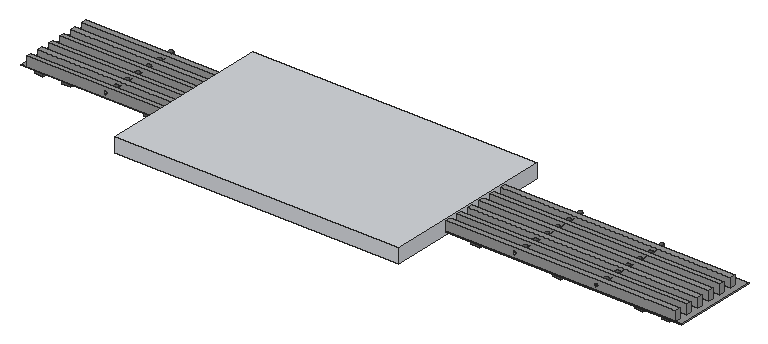
Revit family "1412-6, Solid", category Generic Models, host Face, Revit 2020
Family settings
  Host = Face
  Can host rebar = No
  Round Connector Dimension = Use Diameter
  Part Type = Normal
  Cut with Voids When Loaded = No
  Shared = No
  Room Calculation Point = No
Parameters
  min_value [instance] = 2' - 4"  # constant formula
  max_value [instance] = 11' - 11 1/4"  # constant formula
  actual_value [instance] = if(NET LENGTH < min_value, min_value, if(NET LENGTH > max_value, max_value, NET LENGTH))  # 7' - 11 1/4"
  SCRIM MATERIAL [instance] = SCRIM
  SCRIM APPEARANCE [instance] = yes
  NET LENGTH [instance] = 7' - 11 1/4"
  IMPORTANT NOTE!!!                                                                             *Backer & dowel layout is for visualization purposes only, final layout to be determined by 9Wood. [instance] = ""
  Default Elevation = 4' - 0"
  DOWEL RADIUS [instance] = 0' - 0 1/4"  # constant formula
  BACKER & DOWEL MATERIAL [instance] = BLACK-BACKERS
  .. MEMBER WIDTH [instance] = 0' - 0 3/4"  # constant formula
  .. MEMBER MATERIAL [instance] = Solid Western Hemlock
  .. MEMBER DEPTH [instance] = 0' - 1 3/8"  # constant formula
  .. MEMBER COUNT [instance] = 6  # constant formula
Reference planes (in)
  plane 1 "Center (Front/Back)": y = 0
  plane 2: z = 0
  plane 3 "Center (Left/Right)": x = 0
Forms (in)
  Extrusion 1, solid
    sketch origin (0, 0, 0) x (1, 0, 0) y (0, 1, 0)
      loop
        line (-24.24823, 14.63962) -> (-24.24823, -10.69266) -> (17.36192, -10.69266) -> (17.36192, 14.63962) -> (-24.24823, 14.63962)
    from 0 to 2.0625
Dimensions and locks (in)
  aligned and locked: plane 2 to Extrusion 1
Nested families (in)
  nested 1: "1400 series" at (-44.01308, -2.1224, 0.00189), NET LENGTH <- "actual_value", .. MEMBER DEPTH <- ".. MEMBER DEPTH", .. MEMBER WIDTH <- ".. MEMBER WIDTH", DOWEL RADIUS <- "DOWEL RADIUS", BACKER & DOWEL MATERIAL <- "BACKER & DOWEL MATERIAL", .. MEMBER MATERIAL <- ".. MEMBER MATERIAL", SCRIM MATERIAL <- "SCRIM MATERIAL", MEMBER COUNT <- ".. MEMBER COUNT", SCRIM APPEARANCE <- "SCRIM APPEARANCE", type "1400 series"
    with X 7' - 8", SCRIM MATERIAL SCRIM, SCRIM LENGTH 8' - 1", SCRIM APPEARANCE yes, SCRIM 2 0' - 0 7/8", SCRIM 1 0' - 0 3/32", OC TYP 1' - 0", NET LENGTH 7' - 11 1/4", N 8, MEMBER COUNT 6, INSET 2 0' - 0 3/16", INSET 0' - 1", HALF MEMBER WIDTH 0' - 0 3/8", END BACKER yes, DOWEL RADIUS 0' - 0 1/4", DOWEL INDEX 0' - 11 5/8", DOWEL COUNT 7, BACKING M COUNT 8, BACKER WIDTH 0' - 1 1/4", BACKER INDEX 0' - 5 5/8", BACKER DEPTH 0' - 0 1/2", BACKER & DOWEL MATERIAL BLACK-BACKERS, BACKER &  DOWEL LENGTH 0' - 11 7/8", .. MEMBER WIDTH 0' - 0 3/4", .. MEMBER OC TYP 0' - 2", .. MEMBER MATERIAL Solid Western Hemlock, .. MEMBER DEPTH 0' - 1 3/8"
Definition of nested family "1400 series"
  Parameters (values of type "1400 series")
    X [instance] = NET LENGTH - 0' 3 1/4"  # 7' - 2"
    SCRIM MATERIAL [instance] = none
    SCRIM APPEARANCE [instance] = yes
    SCRIM 2 [instance] = 0' - 0 7/8"  # constant formula
    SCRIM 1 [instance] = 0' - 0 3/32"  # constant formula
    OC TYP [instance] = 1' - 0"  # constant formula
    N [instance] = if((X - (rounddown(X / 1' 0") * 1' 0")) > 1' 0", rounddown(X / 1' 0") + 2, rounddown(X / 1' 0") + 1)  # 8
    MEMBER COUNT [instance] = 2
    INSET 5 = 0' - 0 11/16"  # constant formula
    INSET 2 [instance] = 0' - 0 3/16"  # constant formula
    INSET [instance] = 0' - 1"  # constant formula
    END BACKER [instance] = BACKER INDEX > 0' 3 5/8"  # no
    HALF MEMBER WIDTH [instance] = .. MEMBER WIDTH / 2  # 0' - 1 1/8"
    Default Elevation = 0' - 0"
    DOWEL RADIUS [instance] = 0' - 0 1/4"
    DOWEL INDEX [instance] = BACKER INDEX + 0' 6"  # 0' - 8 5/8"
    DOWEL COUNT [instance] = N - 1  # 7
    BACKER WIDTH [instance] = 0' - 1 1/4"  # constant formula
    BACKER INDEX [instance] = (NET LENGTH - ((N - 1) * 1' 0")) / 2  # 0' - 2 5/8"
    BACKER DEPTH [instance] = 0' - 0 1/2"  # constant formula
    BACKING M COUNT [instance] = N  # 8
    BACKER & DOWEL MATERIAL [instance] = none
    BACKER &  DOWEL LENGTH [instance] = 0' - 11 7/8"  # constant formula
    SCRIM LENGTH [instance] = NET LENGTH + (SCRIM 2 * 2)  # 7' - 7"
    .. MEMBER WIDTH [instance] = 0' - 2 1/4"
    .. MEMBER OC TYP [instance] = 1' 0" / MEMBER COUNT  # 0' - 6"
    .. MEMBER MATERIAL [instance] = none
    NET LENGTH [instance] = 7' - 5 1/4"
    .. MEMBER DEPTH [instance] = 0' - 4"
  Reference planes (in)
    plane 1 "Center (Front/Back)": y = 0
    plane 2: z = 0
    plane 3 "Center (Left/Right)": x = 0
    plane 4: x = 89.25
    plane 5: x = 1
    plane 6: x = 88.25
    plane 7: x = 2.625
    plane 8: x = 8.625
    plane 9: x = 14.625
    plane 10: x = 20.625
    plane 11: y = 0.1875
    plane 12: y = 1.125
    plane 13: y = 7.125
    plane 14: y = 12.0625
    plane 15: x = 90.125
    plane 16: x = -0.875
    plane 17: y = 12.15625
    plane 18: y = -0.09375
    plane 19: z = 2.7097
    plane 20: z = 0.49811
    plane 21: z = 0.56061
    plane 22: z = 1.24811
  Lines and regions (in)
    model lines, not visible
      curve 1: line (8.625, 0, 0.99811) -> (8.625, 0, 1.49811)
      curve 2: line (8.625, 0, 1.49811) -> (8.375, 0, 1.24811)
      curve 3: line (8.375, 0, 1.24811) -> (8.875, 0, 1.24811)
      curve 4: line (20.625, 0, 0.99811) -> (20.625, 0, 1.49811)
      curve 5: line (20.625, 0, 1.49811) -> (20.375, 0, 1.24811)
      curve 6: line (20.375, 0, 1.24811) -> (20.875, 0, 1.24811)
      curve 7: line (32.625, 0, 0.99811) -> (32.625, 0, 1.49811)
      curve 8: line (32.625, 0, 1.49811) -> (32.375, 0, 1.24811)
      curve 9: line (32.375, 0, 1.24811) -> (32.875, 0, 1.24811)
      curve 10: line (44.625, 0, 0.99811) -> (44.625, 0, 1.49811)
      curve 11: line (44.625, 0, 1.49811) -> (44.375, 0, 1.24811)
      curve 12: line (44.375, 0, 1.24811) -> (44.875, 0, 1.24811)
      curve 13: line (56.625, 0, 0.99811) -> (56.625, 0, 1.49811)
      curve 14: line (56.625, 0, 1.49811) -> (56.375, 0, 1.24811)
      curve 15: line (56.375, 0, 1.24811) -> (56.875, 0, 1.24811)
      curve 16: line (68.625, 0, 0.99811) -> (68.625, 0, 1.49811)
      curve 17: line (68.625, 0, 1.49811) -> (68.375, 0, 1.24811)
      curve 18: line (68.375, 0, 1.24811) -> (68.875, 0, 1.24811)
      curve 19: line (80.625, 0, 0.99811) -> (80.625, 0, 1.49811)
      curve 20: line (80.625, 0, 1.49811) -> (80.375, 0, 1.24811)
      curve 21: line (80.375, 0, 1.24811) -> (80.875, 0, 1.24811)
  Dimensions and locks (in)
    "INSET": plane 3 "Center (Left/Right)" to plane 5
    "NET LENGTH": plane 3 "Center (Left/Right)" to plane 4
    "INSET": plane 6 to plane 4
    "BACKER INDEX": plane 3 "Center (Left/Right)" to plane 7
    "DOWEL INDEX": plane 3 "Center (Left/Right)" to plane 8
    "OC TYP": plane 7 to plane 9
    "OC TYP": plane 8 to plane 10
    "INSET 2": plane 1 "Center (Front/Back)" to plane 11
    equal spacing: group 1, group 2, group 5, group 6, group 7, group 13, group 14, group 16  (x3)
    equal spacing: group 3, group 4, group 8, group 9, group 10, group 15, group 17  (x3)
    group 11 to group 12 = 0' - 0"  (x2)
    group 11 to group 12 = 0' - 6"
    ".. MEMBER OC TYP": plane 13 to plane 12
    "HALF MEMBER WIDTH": plane 1 "Center (Front/Back)" to plane 12
    "SCRIM 2": plane 16 to plane 3 "Center (Left/Right)"
    "SCRIM 2": plane 4 to plane 15
    "SCRIM 1": plane 18 to plane 1 "Center (Front/Back)"
    "SCRIM 1": plane 17 to plane 14
    "INSET 5": plane 22 to plane 21
    aligned and locked: level to plane 2
    aligned and locked: plane 7 to nested 2
    aligned and locked: plane 5 to nested 1
    aligned and locked: plane 9 to nested 3
    aligned and locked: nested 1 to plane 5
    aligned and locked: nested 2 to plane 11
    aligned and locked: nested 1 to plane 11
    aligned and locked: nested 3 to plane 11
    aligned and locked: nested 4 to plane 11  (x2)
    aligned and locked: plane 10 to nested 5
    aligned and locked: plane 6 to nested 12
    aligned and locked: nested 5 to plane 11
    aligned and locked: plane 11 to nested 12
    aligned and locked: plane 12 to nested 13
    aligned and locked: nested 14 to plane 13
    aligned and locked: plane 14 to nested 8
    aligned and locked: plane 16 to nested 15
    aligned and locked: nested 15 to plane 18
    aligned and locked: nested 15 to plane 17
    aligned and locked: nested 15 to plane 16  (x2)
    aligned and locked: nested 1 to level
    aligned and locked: level to nested 3
    aligned and locked: plane 20 to nested 2
    aligned and locked: plane 20 to nested 1
    aligned and locked: plane 20 to nested 3
    aligned and locked: nested 12 to plane 20
    aligned and locked: nested 15 to plane 20
    aligned and locked: plane 21 to nested 15
    aligned and locked: nested 13 to plane 21
    aligned and locked: plane 22 to nested 4
    aligned and locked: plane 22 to nested 5
    aligned and locked: nested 13 to plane 8
    aligned and locked: plane 10 to nested 13
    aligned and locked: curve 1 to nested 13
    aligned and locked: nested 13 to curve 4
  Automatic sketch dimensions
    curve 3 to curve 1 = 0' - 0 1/4"  (x2)
    curve 1 to curve 3 = 0' - 0 1/4"
    curve 1 to curve 2 = 0' - 0 1/4"
    curve 6 to curve 4 = 0' - 0 1/4"  (x2)
    curve 4 to curve 6 = 0' - 0 1/4"
    curve 4 to curve 5 = 0' - 0 1/4"
    curve 9 to curve 7 = 0' - 0 1/4"  (x2)
    curve 7 to curve 9 = 0' - 0 1/4"
    curve 7 to curve 8 = 0' - 0 1/4"
    curve 12 to curve 10 = 0' - 0 1/4"  (x2)
    curve 10 to curve 12 = 0' - 0 1/4"
    curve 10 to curve 11 = 0' - 0 1/4"
    curve 15 to curve 13 = 0' - 0 1/4"  (x2)
    curve 13 to curve 15 = 0' - 0 1/4"
    curve 13 to curve 14 = 0' - 0 1/4"
    curve 18 to curve 16 = 0' - 0 1/4"  (x2)
    curve 16 to curve 18 = 0' - 0 1/4"
    curve 16 to curve 17 = 0' - 0 1/4"
    curve 21 to curve 19 = 0' - 0 1/4"  (x2)
    curve 19 to curve 21 = 0' - 0 1/4"
    curve 19 to curve 20 = 0' - 0 1/4"
  Nested families (in)
    nested 1: "INSTANCE - 3RD -  EXTEND BOTH SIDES - Parametric Cube.0001" at (1, 0.1875, 0.49811), Length <- "BACKER &  DOWEL LENGTH", Width <- "BACKER WIDTH", Height <- "BACKER DEPTH", Material <- "BACKER & DOWEL MATERIAL", visible <- "END BACKER", type "INSTANCE - 3RD -  EXTEND BOTH SIDES - Parametric Cube.0001"
      with Width 0' - 1 1/4", Material none, Length 0' - 11 7/8", Height 0' - 0 1/2"
    nested 2: "INSTANCE - 2ND -  EXTEND SIDE H CENTER W - Parametric Cube.0001" at (2.625, 0.1875, 0.49811), Width <- "BACKER WIDTH", Length <- "BACKER &  DOWEL LENGTH", Height <- "BACKER DEPTH", Material <- "BACKER & DOWEL MATERIAL", type "INSTANCE - 2ND -  EXTEND SIDE H CENTER W - Parametric Cube.0001"
      with Width 0' - 1 1/4", Material none, Length 0' - 11 7/8", Height 0' - 0 1/2"
    nested 3: "INSTANCE - 2ND -  EXTEND SIDE H CENTER W - Parametric Cube.0001" at (14.625, 0.1875, 0.49811), Width <- "BACKER WIDTH", Length <- "BACKER &  DOWEL LENGTH", Height <- "BACKER DEPTH", Material <- "BACKER & DOWEL MATERIAL", type "INSTANCE - 2ND -  EXTEND SIDE H CENTER W - Parametric Cube.0001"
      with Width 0' - 1 1/4", Material none, Length 0' - 11 7/8", Height 0' - 0 1/2"
    nested 4: "DOWEL" at (-1.375, 0.1875, 1.24811), DOWEL LENGTH <- "BACKER &  DOWEL LENGTH", DOWEL RADII <- "DOWEL RADIUS", BACKING MEM MATERIAL <- "BACKER & DOWEL MATERIAL", type "DOWEL"
      with DOWEL RADII 0' - 0 1/4", DOWEL LENGTH 0' - 11 7/8", BACKING MEM MATERIAL none
    nested 5: "DOWEL" at (10.625, 0.1875, 1.24811), DOWEL LENGTH <- "BACKER &  DOWEL LENGTH", DOWEL RADII <- "DOWEL RADIUS", BACKING MEM MATERIAL <- "BACKER & DOWEL MATERIAL", type "DOWEL"
      with DOWEL RADII 0' - 0 1/4", DOWEL LENGTH 0' - 11 7/8", BACKING MEM MATERIAL none
    nested 6: "INSTANCE - 2ND -  EXTEND SIDE H CENTER W - Parametric Cube.0001" at (26.625, 0.1875, 0.49811), Width <- "BACKER WIDTH", Length <- "BACKER &  DOWEL LENGTH", Height <- "BACKER DEPTH", Material <- "BACKER & DOWEL MATERIAL", type "INSTANCE - 2ND -  EXTEND SIDE H CENTER W - Parametric Cube.0001"
      with Width 0' - 1 1/4", Material none, Length 0' - 11 7/8", Height 0' - 0 1/2"
    nested 7: "INSTANCE - 2ND -  EXTEND SIDE H CENTER W - Parametric Cube.0001" at (38.625, 0.1875, 0.49811), Width <- "BACKER WIDTH", Length <- "BACKER &  DOWEL LENGTH", Height <- "BACKER DEPTH", Material <- "BACKER & DOWEL MATERIAL", type "INSTANCE - 2ND -  EXTEND SIDE H CENTER W - Parametric Cube.0001"
      with Width 0' - 1 1/4", Material none, Length 0' - 11 7/8", Height 0' - 0 1/2"
    nested 8: "INSTANCE - 2ND -  EXTEND SIDE H CENTER W - Parametric Cube.0001" at (50.625, 0.1875, 0.49811), Width <- "BACKER WIDTH", Length <- "BACKER &  DOWEL LENGTH", Height <- "BACKER DEPTH", Material <- "BACKER & DOWEL MATERIAL", type "INSTANCE - 2ND -  EXTEND SIDE H CENTER W - Parametric Cube.0001"
      with Width 0' - 1 1/4", Material none, Length 0' - 11 7/8", Height 0' - 0 1/2"
    nested 9: "DOWEL" at (22.625, 0.1875, 1.24811), DOWEL LENGTH <- "BACKER &  DOWEL LENGTH", DOWEL RADII <- "DOWEL RADIUS", BACKING MEM MATERIAL <- "BACKER & DOWEL MATERIAL", type "DOWEL"
      with DOWEL RADII 0' - 0 1/4", DOWEL LENGTH 0' - 11 7/8", BACKING MEM MATERIAL none
    nested 10: "DOWEL" at (34.625, 0.1875, 1.24811), DOWEL LENGTH <- "BACKER &  DOWEL LENGTH", DOWEL RADII <- "DOWEL RADIUS", BACKING MEM MATERIAL <- "BACKER & DOWEL MATERIAL", type "DOWEL"
      with DOWEL RADII 0' - 0 1/4", DOWEL LENGTH 0' - 11 7/8", BACKING MEM MATERIAL none
    nested 11: "DOWEL" at (46.625, 0.1875, 1.24811), DOWEL LENGTH <- "BACKER &  DOWEL LENGTH", DOWEL RADII <- "DOWEL RADIUS", BACKING MEM MATERIAL <- "BACKER & DOWEL MATERIAL", type "DOWEL"
      with DOWEL RADII 0' - 0 1/4", DOWEL LENGTH 0' - 11 7/8", BACKING MEM MATERIAL none
    nested 12: "INSTANCE - 3RD -  EXTEND BOTH SIDES - Parametric Cube.0001" at (88.25, 0.1875, 0.49811) x (-1, 0, 0) z (0, 0, 1), Width <- "BACKER WIDTH", Length <- "BACKER &  DOWEL LENGTH", Height <- "BACKER DEPTH", Material <- "BACKER & DOWEL MATERIAL", visible <- "END BACKER", type "INSTANCE - 3RD -  EXTEND BOTH SIDES - Parametric Cube.0001"
      with Width 0' - 1 1/4", Material none, Length 0' - 11 7/8", Height 0' - 0 1/2"
    nested 13: "HOLED MEMBER" at (0, -9.75, 8.12965), DOWEL INDEX <- "DOWEL INDEX", .. MEMBER LENGTH <- "NET LENGTH", .. MEMBER WIDTH <- ".. MEMBER WIDTH", DOWEL OC DIST <- "OC TYP", DOWEL RADII <- "DOWEL RADIUS", Material <- ".. MEMBER MATERIAL", DEPTH <- ".. MEMBER DEPTH", DOWEL COUNT <- "DOWEL COUNT", Space <- "INSET 5", type "HOLED MEMBER"
      with Space 0' - 0 11/16", Material none, Height 0' - 10.43096", HALF MEMBER WIDTH 0' - 1 1/8", DOWEL RADII 0' - 0 1/4", DOWEL OC DIST 1' - 0", DOWEL INDEX 0' - 8 5/8", DOWEL COUNT 7, DEPTH 0' - 4", .. MEMBER WIDTH 0' - 2 1/4", .. MEMBER LENGTH 7' - 5 1/4"
    nested 14: "HOLED MEMBER" at (0, -3.75, 8.12965), DOWEL INDEX <- "DOWEL INDEX", .. MEMBER LENGTH <- "NET LENGTH", .. MEMBER WIDTH <- ".. MEMBER WIDTH", DOWEL OC DIST <- "OC TYP", DOWEL RADII <- "DOWEL RADIUS", Material <- ".. MEMBER MATERIAL", DEPTH <- ".. MEMBER DEPTH", DOWEL COUNT <- "DOWEL COUNT", Space <- "INSET 5", type "HOLED MEMBER"
      with Space 0' - 0 11/16", Material none, Height 0' - 10.43096", HALF MEMBER WIDTH 0' - 1 1/8", DOWEL RADII 0' - 0 1/4", DOWEL OC DIST 1' - 0", DOWEL INDEX 0' - 8 5/8", DOWEL COUNT 7, DEPTH 0' - 4", .. MEMBER WIDTH 0' - 2 1/4", .. MEMBER LENGTH 7' - 5 1/4"
    nested 15: "INSTANCE - 3RD -  EXTEND BOTH SIDES - Parametric Cube.0001" at (-0.875, -0.09375, 0.56061), Width <- "SCRIM LENGTH", Material <- "SCRIM MATERIAL", visible <- "SCRIM APPEARANCE", type "INSTANCE - 3RD -  EXTEND BOTH SIDES - Parametric Cube.0001"
      with Width 7' - 7", Material none, Length 1' - 0 1/4", Height 0' - 0 1/16"
    nested 16: "INSTANCE - 2ND -  EXTEND SIDE H CENTER W - Parametric Cube.0001" at (62.625, 0.1875, 0.49811), Width <- "BACKER WIDTH", Length <- "BACKER &  DOWEL LENGTH", Height <- "BACKER DEPTH", Material <- "BACKER & DOWEL MATERIAL", type "INSTANCE - 2ND -  EXTEND SIDE H CENTER W - Parametric Cube.0001"
      with Width 0' - 1 1/4", Material none, Length 0' - 11 7/8", Height 0' - 0 1/2"
    nested 17: "INSTANCE - 2ND -  EXTEND SIDE H CENTER W - Parametric Cube.0001" at (74.625, 0.1875, 0.49811), Width <- "BACKER WIDTH", Length <- "BACKER &  DOWEL LENGTH", Height <- "BACKER DEPTH", Material <- "BACKER & DOWEL MATERIAL", type "INSTANCE - 2ND -  EXTEND SIDE H CENTER W - Parametric Cube.0001"
      with Width 0' - 1 1/4", Material none, Length 0' - 11 7/8", Height 0' - 0 1/2"
    nested 18: "DOWEL" at (58.625, 0.1875, 1.24811), DOWEL LENGTH <- "BACKER &  DOWEL LENGTH", DOWEL RADII <- "DOWEL RADIUS", BACKING MEM MATERIAL <- "BACKER & DOWEL MATERIAL", type "DOWEL"
      with DOWEL RADII 0' - 0 1/4", DOWEL LENGTH 0' - 11 7/8", BACKING MEM MATERIAL none
    nested 19: "INSTANCE - 2ND -  EXTEND SIDE H CENTER W - Parametric Cube.0001" at (86.625, 0.1875, 0.49811), Width <- "BACKER WIDTH", Length <- "BACKER &  DOWEL LENGTH", Height <- "BACKER DEPTH", Material <- "BACKER & DOWEL MATERIAL", type "INSTANCE - 2ND -  EXTEND SIDE H CENTER W - Parametric Cube.0001"
      with Width 0' - 1 1/4", Material none, Length 0' - 11 7/8", Height 0' - 0 1/2"
    nested 20: "DOWEL" at (70.625, 0.1875, 1.24811), DOWEL LENGTH <- "BACKER &  DOWEL LENGTH", DOWEL RADII <- "DOWEL RADIUS", BACKING MEM MATERIAL <- "BACKER & DOWEL MATERIAL", type "DOWEL"
      with DOWEL RADII 0' - 0 1/4", DOWEL LENGTH 0' - 11 7/8", BACKING MEM MATERIAL none
  Definition of nested family "INSTANCE - 3RD -  EXTEND BOTH SIDES - Parametric Cube.0001"
    Parameters (values of type "INSTANCE - 3RD -  EXTEND BOTH SIDES - Parametric Cube.0001")
      Width [instance] = 0' - 6"
      Material [instance] = none
      Length [instance] = 1' - 0"
      Height [instance] = 1' - 6"
      Default Elevation = 0' - 0"
    Reference planes (in)
      plane 1 "Center (Front/Back)": y = 0
      plane 2: z = 0
      plane 3 "Center (Left/Right)": x = 0
      plane 4: x = 6
      plane 5: y = 12
      plane 6: z = -18
    Forms (in)
      Extrusion 1, solid, material <- "Material"
        sketch origin (0, 6, 0) x (1, 0, 0) y (0, 1, 0)
          loop
            line (0, 6) -> (0, -6) -> (6, -6) -> (6, 6) -> (0, 6)
        from -18 to 0
    Dimensions and locks (in)
      "Height": plane 6 to level
      "Length": plane 1 "Center (Front/Back)" to plane 5
      "Width": plane 3 "Center (Left/Right)" to plane 4
      aligned and locked: plane 2 to level
      aligned and locked: Extrusion 1 sketch curve to plane 4
      aligned and locked: Extrusion 1 to plane 6
      aligned and locked: plane 5 to Extrusion 1
      aligned and locked: Extrusion 1 to plane 3 "Center (Left/Right)"
    Automatic sketch dimensions
      plane 1 "Center (Front/Back)" to Extrusion 1 sketch curve = 0' - 0"
      plane 5 to Extrusion 1 sketch curve = 0' - 0"
      Extrusion 1 sketch curve to plane 3 "Center (Left/Right)" = 0' - 0"
  Definition of nested family "INSTANCE - 2ND -  EXTEND SIDE H CENTER W - Parametric Cube.0001"
    Parameters (values of type "INSTANCE - 2ND -  EXTEND SIDE H CENTER W - Parametric Cube.0001")
      Width [instance] = 0' - 6"
      Material [instance] = none
      Length [instance] = 1' - 0"
      Height [instance] = 1' - 6"
      Default Elevation = 0' - 0"
    Reference planes (in)
      plane 1 "Center (Front/Back)": y = 0
      plane 2: z = 0
      plane 3 "Center (Left/Right)": x = 0
      plane 4: x = -3
      plane 5: x = 3
      plane 6: y = 12
      plane 7: z = -18
    Forms (in)
      Extrusion 1, solid, material <- "Material"
        sketch origin (0, 6, 0) x (1, 0, 0) y (0, 1, 0)
          loop
            line (-3, 6) -> (-3, -6) -> (3, -6) -> (3, 6) -> (-3, 6)
        from -18 to 0
    Dimensions and locks (in)
      equal spacing: plane 4, plane 3 "Center (Left/Right)", plane 5
      "Width": plane 4 to plane 5
      "Height": plane 7 to level
      "Length": plane 1 "Center (Front/Back)" to plane 6
      aligned and locked: plane 2 to level
      aligned and locked: plane 4 to Extrusion 1 sketch curve
      aligned and locked: Extrusion 1 sketch curve to plane 5
      aligned and locked: Extrusion 1 to plane 7
      aligned and locked: plane 6 to Extrusion 1
    Automatic sketch dimensions
      plane 1 "Center (Front/Back)" to Extrusion 1 sketch curve = 0' - 0"
      plane 6 to Extrusion 1 sketch curve = 0' - 0"
  Definition of nested family "DOWEL"
    Parameters (values of type "DOWEL")
      Default Elevation = 0' - 0"
      DOWEL RADII [instance] = 0' - 0 5/8"
      DOWEL LENGTH [instance] = 1' - 0"
      BACKING MEM MATERIAL [instance] = none
    Reference planes (in)
      plane 1 "Center (Front/Back)": y = 0
      plane 2: z = 0
      plane 3 "Center (Left/Right)": x = 0
      plane 4: y = 12
    Forms (in)
      Extrusion 1, solid, material <- "BACKING MEM MATERIAL"
        sketch origin (10, 0, 0) x (1, 0, 0) y (0, 0, 1)
          loop
            circle (0, 0) r 0.625
        from 0 to -12
      Extrusion 2, solid, not visible
        sketch origin (0, 0, 0) x (1, 0, 0) y (0, 0, 1)
          loop
            circle (0, 0) r 0.625
        from 0 to 12
      Extrusion 3, solid, not visible
        sketch origin (10, 0, 0) x (1, 0, 0) y (0, 0, 1)
          loop
            circle (0, 0) r 0.625
        from 0 to 2.5
      Extrusion 4, solid, not visible
        sketch origin (10, 0, 0) x (1, 0, 0) y (0, 0, 1)
          loop
            circle (0, 0) r 0.625
        from 0 to -12
    Lines and regions (in)
      model lines, not visible
        curve 1: line (-13, 0, 0) -> (-13, -12, 0)
        curve 2: line (13, 0, 0) -> (13, -12, 0)
        curve 3: line (9.89453, 0, 0) -> (10.08794, 0, 0)
        curve 4: line (9.89453, -2.5, 0) -> (10.08794, -2.5, 0)
        curve 6: line (10, 0, 0) -> (10, 2, 0)
      model lines
        curve 5: line (10, 0, 0) -> (10, 2, 0)
    Dimensions and locks (in)
      "DOWEL LENGTH": plane 1 "Center (Front/Back)" to plane 4
      "DOWEL RADII": radius of Extrusion 1 sketch curve
      "DOWEL RADII": radius of Extrusion 2 sketch curve
      "DOWEL RADII": radius of Extrusion 3 sketch curve
      "DOWEL RADII": radius of Extrusion 4 sketch curve
      "DOWEL RADII": radius of Extrusion 1
      aligned and locked: plane 2 to level
      aligned and locked: Extrusion 1 to plane 1 "Center (Front/Back)"  (x3)
      aligned and locked: plane 1 "Center (Front/Back)" to Extrusion 1
      aligned and locked: plane 4 to Extrusion 1
    Automatic sketch dimensions
      plane 1 "Center (Front/Back)" to curve 5 = 0' - 0"
      curve 5 to plane 1 "Center (Front/Back)" = 0' - 2"
      plane 3 "Center (Left/Right)" to curve 5 = 0' - 10"
      Extrusion 1 sketch curve to level = 0' - 0"
      plane 3 "Center (Left/Right)" to Extrusion 1 sketch curve = 0' - 10"
  Definition of nested family "HOLED MEMBER"
    Parameters (values of type "HOLED MEMBER")
      Space [instance] = 0' - 0 5/8"
      Material [instance] = none
      Height [instance] = 0' - 10.43096"
      HALF MEMBER WIDTH [instance] = .. MEMBER WIDTH / 2  # 0' - 0 5/16"
      Default Elevation = 0' - 0"
      DOWEL RADII [instance] = 0' - 0.34537"
      DOWEL OC DIST [instance] = 1' - 0"
      DOWEL INSET = 0' - 0 5/8"
      DOWEL INDEX [instance] = 0' - 5 5/8"
      DOWEL COUNT [instance] = 6
      DEPTH [instance] = 0' - 2"
      .. MEMBER WIDTH [instance] = 0' - 0 5/8"
      .. MEMBER LENGTH [instance] = 5' - 11 3/4"
    Reference planes (in)
      plane 1 "Center (Front/Back)": y = 12
      plane 2: z = -7.56904
      plane 3 "Center (Left/Right)": x = 0
      plane 4: x = 5.625
      plane 5: x = 17.625
      plane 6: y = 11.375
      plane 7: x = 71.75
      plane 8: y = 11.6875
      plane 9: z = -6.94404
      plane 10: z = -5.56904
    Forms (in)
      Extrusion 1, solid, material <- "Material"
        sketch origin (0, 12, -13.56904) x (1, 0, 0) y (0, 0, 1)
          loop
            line (0, 6) -> (71.75, 6) -> (71.75, 8) -> (0, 8) -> (0, 6)
        from 0.625 to 0
      Extrusion 2, void
        sketch origin (0, 12, -18.31904) x (1, 0, 0) y (0, 0, 1)
          loop
            circle (5.625, 11.375) r 0.34537
        from 0 to 12
      Extrusion 3, void, not visible
        sketch origin (0, 0, 0) x (1, 0, 0) y (0, 1, 0)
          loop
            circle (5.625, 11.375) r 0.34537
        from 0 to 12
      Extrusion 4, void, not visible
        sketch origin (0, 0, 0) x (1, 0, 0) y (0, 1, 0)
          loop
            circle (5.625, 11.375) r 0.34537
        from 0 to 12
      Extrusion 5, void, not visible
        sketch origin (12, 0, 0) x (1, 0, 0) y (0, 1, 0)
          loop
            circle (5.625, 11.375) r 0.34537
        from 0 to 12
      Extrusion 6, void, not visible
        sketch origin (0, 12, -17.56904) x (1, 0, 0) y (0, 0, 1)
          loop
            circle (5.625, 11.375) r 0.34537
        from 0 to 12
      Extrusion 7, void, not visible
        sketch origin (12, 12, -17.56904) x (1, 0, 0) y (0, 0, 1)
          loop
            circle (5.625, 11.375) r 0.34537
        from 0 to 12
      Extrusion 8, void, not visible
        sketch origin (0, 12, -19.56904) x (1, 0, 0) y (0, 0, 1)
          loop
            circle (5.625, 11.375) r 0.34537
        from 0 to 12
      Extrusion 9, void
        sketch origin (12, 12, -18.31904) x (1, 0, 0) y (0, 0, 1)
          loop
            circle (5.625, 11.375) r 0.34537
        from 0 to 12
      Extrusion 10, void
        sketch origin (24, 12, -18.31904) x (1, 0, 0) y (0, 0, 1)
          loop
            circle (5.625, 11.375) r 0.34537
        from 0 to 12
      Extrusion 11, void
        sketch origin (36, 12, -18.31904) x (1, 0, 0) y (0, 0, 1)
          loop
            circle (5.625, 11.375) r 0.34537
        from 0 to 12
      Extrusion 12, void
        sketch origin (48, 12, -18.31904) x (1, 0, 0) y (0, 0, 1)
          loop
            circle (5.625, 11.375) r 0.34537
        from 0 to 12
      Extrusion 13, void
        sketch origin (60, 12, -18.31904) x (1, 0, 0) y (0, 0, 1)
          loop
            circle (5.625, 11.375) r 0.34537
        from 0 to 12
      Extrusion 14, void, not visible
        sketch origin (24, 12, -17.56904) x (1, 0, 0) y (0, 0, 1)
          loop
            circle (5.625, 11.375) r 0.34537
        from 0 to 12
      Extrusion 15, void, not visible
        sketch origin (36, 12, -17.56904) x (1, 0, 0) y (0, 0, 1)
          loop
            circle (5.625, 11.375) r 0.34537
        from 0 to 12
      Extrusion 16, void, not visible
        sketch origin (48, 12, -17.56904) x (1, 0, 0) y (0, 0, 1)
          loop
            circle (5.625, 11.375) r 0.34537
        from 0 to 12
      Extrusion 17, void, not visible
        sketch origin (60, 12, -17.56904) x (1, 0, 0) y (0, 0, 1)
          loop
            circle (5.625, 11.375) r 0.34537
        from 0 to 12
      Extrusion 18, void, not visible
        sketch origin (24, 0, 0) x (1, 0, 0) y (0, 1, 0)
          loop
            circle (5.625, 11.375) r 0.34537
        from 0 to 12
      Extrusion 19, void, not visible
        sketch origin (36, 0, 0) x (1, 0, 0) y (0, 1, 0)
          loop
            circle (5.625, 11.375) r 0.34537
        from 0 to 12
      Extrusion 20, void, not visible
        sketch origin (48, 0, 0) x (1, 0, 0) y (0, 1, 0)
          loop
            circle (5.625, 11.375) r 0.34537
        from 0 to 12
      Extrusion 21, void, not visible
        sketch origin (60, 0, 0) x (1, 0, 0) y (0, 1, 0)
          loop
            circle (5.625, 11.375) r 0.34537
        from 0 to 12
    Cuts and joins
      Extrusion 2, Extrusion 9, Extrusion 10, Extrusion 11, Extrusion 12, Extrusion 13 cuts Extrusion 1
    Lines and regions (in)
      model lines, not visible
        curve 1: line (5.625, 11.72037, 0) -> (5.625, 11.02963, 0)
        curve 2: line (5.625, 11.72037, 0) -> (5.625, 11.02963, 0)
        curve 3: line (17.625, 11.72037, 0) -> (17.625, 11.02963, 0)
        curve 4: line (5.625, 12, -7.56904) -> (5.625, 11.87317, -7.56904)
        curve 5: line (5.625, 11.87317, -7.56904) -> (5.06195, 11.87317, -7.56904)
        curve 6: line (5.06195, 11.87317, -7.56904) -> (5.27963, 11.375, -7.56904)
        curve 7: line (0, 12, -6.19404) -> (0, 11.61951, -6.19404)
        curve 9: line (0, 11.375, -8.19404) -> (0, 11.6747, -8.19404)
        curve 10: line (5.625, 12, -7.56904) -> (5.625, 11.69863, -7.56904)
        curve 11: line (5.625, 12, -7.56904) -> (5.625, 11.69863, -7.56904)
        curve 12: line (5.625, 10.75, 0) -> (5.625, 10.75, 0.30137)
        curve 13: line (5.625, 10.75, 0) -> (5.625, 10.75, 0.30137)
        curve 14: line (17.625, 10.75, 0) -> (17.625, 10.75, 0.30137)
        curve 15: line (5.625, 12, -6.81904) -> (5.625, 11.69863, -6.81904)
        curve 16: line (17.625, 12, -6.81904) -> (17.625, 11.69863, -6.81904)
        curve 17: line (5.625, 12, -8.81904) -> (5.625, 11.69863, -8.81904)
        curve 18: line (17.625, 12, -7.56904) -> (17.625, 11.69863, -7.56904)
        curve 19: line (29.625, 12, -7.56904) -> (29.625, 11.69863, -7.56904)
        curve 20: line (41.625, 12, -7.56904) -> (41.625, 11.69863, -7.56904)
        curve 21: line (53.625, 12, -7.56904) -> (53.625, 11.69863, -7.56904)
        curve 22: line (65.625, 12, -7.56904) -> (65.625, 11.69863, -7.56904)
        curve 23: line (29.625, 12, -6.81904) -> (29.625, 11.69863, -6.81904)
        curve 24: line (41.625, 12, -6.81904) -> (41.625, 11.69863, -6.81904)
        curve 25: line (53.625, 12, -6.81904) -> (53.625, 11.69863, -6.81904)
        curve 26: line (65.625, 12, -6.81904) -> (65.625, 11.69863, -6.81904)
        curve 27: line (29.625, 11.72037, 0) -> (29.625, 11.02963, 0)
        curve 28: line (29.625, 10.75, 0) -> (29.625, 10.75, 0.30137)
        curve 29: line (41.625, 11.72037, 0) -> (41.625, 11.02963, 0)
        curve 30: line (41.625, 10.75, 0) -> (41.625, 10.75, 0.30137)
        curve 31: line (53.625, 11.72037, 0) -> (53.625, 11.02963, 0)
        curve 32: line (53.625, 10.75, 0) -> (53.625, 10.75, 0.30137)
        curve 33: line (65.625, 11.72037, 0) -> (65.625, 11.02963, 0)
        curve 34: line (65.625, 10.75, 0) -> (65.625, 10.75, 0.30137)
        curve 35: line (5.27963, 12, -6.94404) -> (5.97037, 12, -6.94404)
        curve 36: line (5.97037, 12, -6.94404) -> (5.625, 12, -6.59867)
        curve 37: line (5.625, 12, -6.59867) -> (5.625, 12, -7.28941)
        curve 38: line (5.27963, 11.375, 0) -> (5.97037, 11.375, 0)
        curve 39: line (5.97037, 11.375, 0) -> (5.625, 11.72037, 0)
        curve 40: line (5.625, 11.72037, 0) -> (5.625, 11.02963, 0)
        curve 41: line (5.27963, 11.375, 0) -> (5.97037, 11.375, 0)
        curve 42: line (5.97037, 11.375, 0) -> (5.625, 11.72037, 0)
        curve 43: line (5.625, 11.72037, 0) -> (5.625, 11.02963, 0)
        curve 44: line (17.27963, 11.375, 0) -> (17.97037, 11.375, 0)
        curve 45: line (17.97037, 11.375, 0) -> (17.625, 11.72037, 0)
        curve 46: line (17.625, 11.72037, 0) -> (17.625, 11.02963, 0)
        curve 47: line (5.27963, 12, -6.19404) -> (5.97037, 12, -6.19404)
        curve 48: line (5.97037, 12, -6.19404) -> (5.625, 12, -5.84867)
        curve 49: line (5.625, 12, -5.84867) -> (5.625, 12, -6.53941)
        curve 50: line (17.27963, 12, -6.19404) -> (17.97037, 12, -6.19404)
        curve 51: line (17.97037, 12, -6.19404) -> (17.625, 12, -5.84867)
        curve 52: line (17.625, 12, -5.84867) -> (17.625, 12, -6.53941)
        curve 53: line (5.27963, 12, -8.19404) -> (5.97037, 12, -8.19404)
        curve 54: line (5.97037, 12, -8.19404) -> (5.625, 12, -7.84867)
        curve 55: line (5.625, 12, -7.84867) -> (5.625, 12, -8.53941)
        curve 56: line (17.27963, 12, -6.94404) -> (17.97037, 12, -6.94404)
        curve 57: line (17.97037, 12, -6.94404) -> (17.625, 12, -6.59867)
        curve 58: line (17.625, 12, -6.59867) -> (17.625, 12, -7.28941)
        curve 59: line (29.27963, 12, -6.94404) -> (29.97037, 12, -6.94404)
        curve 60: line (29.97037, 12, -6.94404) -> (29.625, 12, -6.59867)
        curve 61: line (29.625, 12, -6.59867) -> (29.625, 12, -7.28941)
        curve 62: line (41.27963, 12, -6.94404) -> (41.97037, 12, -6.94404)
        curve 63: line (41.97037, 12, -6.94404) -> (41.625, 12, -6.59867)
        curve 64: line (41.625, 12, -6.59867) -> (41.625, 12, -7.28941)
        curve 65: line (53.27963, 12, -6.94404) -> (53.97037, 12, -6.94404)
        curve 66: line (53.97037, 12, -6.94404) -> (53.625, 12, -6.59867)
        curve 67: line (53.625, 12, -6.59867) -> (53.625, 12, -7.28941)
        curve 68: line (65.27963, 12, -6.94404) -> (65.97037, 12, -6.94404)
        curve 69: line (65.97037, 12, -6.94404) -> (65.625, 12, -6.59867)
        curve 70: line (65.625, 12, -6.59867) -> (65.625, 12, -7.28941)
        curve 71: line (29.27963, 12, -6.19404) -> (29.97037, 12, -6.19404)
        curve 72: line (29.97037, 12, -6.19404) -> (29.625, 12, -5.84867)
        curve 73: line (29.625, 12, -5.84867) -> (29.625, 12, -6.53941)
        curve 74: line (41.27963, 12, -6.19404) -> (41.97037, 12, -6.19404)
        curve 75: line (41.97037, 12, -6.19404) -> (41.625, 12, -5.84867)
        curve 76: line (41.625, 12, -5.84867) -> (41.625, 12, -6.53941)
        curve 77: line (53.27963, 12, -6.19404) -> (53.97037, 12, -6.19404)
        curve 78: line (53.97037, 12, -6.19404) -> (53.625, 12, -5.84867)
        curve 79: line (53.625, 12, -5.84867) -> (53.625, 12, -6.53941)
        curve 80: line (65.27963, 12, -6.19404) -> (65.97037, 12, -6.19404)
        curve 81: line (65.97037, 12, -6.19404) -> (65.625, 12, -5.84867)
        curve 82: line (65.625, 12, -5.84867) -> (65.625, 12, -6.53941)
        curve 83: line (29.27963, 11.375, 0) -> (29.97037, 11.375, 0)
        curve 84: line (29.97037, 11.375, 0) -> (29.625, 11.72037, 0)
        curve 85: line (29.625, 11.72037, 0) -> (29.625, 11.02963, 0)
        curve 86: line (41.27963, 11.375, 0) -> (41.97037, 11.375, 0)
        curve 87: line (41.97037, 11.375, 0) -> (41.625, 11.72037, 0)
        curve 88: line (41.625, 11.72037, 0) -> (41.625, 11.02963, 0)
        curve 89: line (53.27963, 11.375, 0) -> (53.97037, 11.375, 0)
        curve 90: line (53.97037, 11.375, 0) -> (53.625, 11.72037, 0)
        curve 91: line (53.625, 11.72037, 0) -> (53.625, 11.02963, 0)
        curve 92: line (65.27963, 11.375, 0) -> (65.97037, 11.375, 0)
        curve 93: line (65.97037, 11.375, 0) -> (65.625, 11.72037, 0)
        curve 94: line (65.625, 11.72037, 0) -> (65.625, 11.02963, 0)
      model lines
        curve 8: line (5.625, 12, -7.56904) -> (5.625, 11.69863, -7.56904)
    Dimensions and locks (in)
      "DOWEL INDEX": plane 3 "Center (Left/Right)" to plane 4
      "DOWEL OC DIST": plane 4 to plane 5
      ".. MEMBER LENGTH": plane 3 "Center (Left/Right)" to plane 7
      equal spacing: group 3, group 4, group 21, group 22, group 23, group 24  (x3)
      equal spacing: group 7, group 8, group 17, group 18, group 19, group 20  (x3)
      ".. MEMBER WIDTH": plane 6 to plane 1 "Center (Front/Back)"
      "HALF MEMBER WIDTH": plane 8 to plane 1 "Center (Front/Back)"
      equal spacing: group 1, group 12, group 13, group 14, group 15, group 16  (x2)
      equal spacing: group 16, group 15, group 14, group 13, group 12, group 1
      "DEPTH": plane 10 to level
      "Space": plane 9 to level
      "DOWEL RADII": radius of Extrusion 2 sketch curve
      "DOWEL RADII": radius of Extrusion 3 sketch curve
      "DOWEL RADII": radius of Extrusion 4 sketch curve
      "DOWEL RADII": radius of Extrusion 5 sketch curve
      "DOWEL RADII": radius of Extrusion 6 sketch curve
      "DOWEL RADII": radius of Extrusion 7 sketch curve
      "DOWEL RADII": radius of Extrusion 8 sketch curve
      "DOWEL RADII": radius of Extrusion 9 sketch curve
      "DOWEL RADII": radius of Extrusion 10 sketch curve
      "DOWEL RADII": radius of Extrusion 11 sketch curve
      "DOWEL RADII": radius of Extrusion 12 sketch curve
      "DOWEL RADII": radius of Extrusion 13 sketch curve
      "DOWEL RADII": radius of Extrusion 14 sketch curve
      "DOWEL RADII": radius of Extrusion 15 sketch curve
      "DOWEL RADII": radius of Extrusion 16 sketch curve
      "DOWEL RADII": radius of Extrusion 17 sketch curve
      "DOWEL RADII": radius of Extrusion 18 sketch curve
      "DOWEL RADII": radius of Extrusion 19 sketch curve
      "DOWEL RADII": radius of Extrusion 20 sketch curve
      "DOWEL RADII": radius of Extrusion 21 sketch curve
      aligned and locked: level to plane 2
      aligned and locked: Extrusion 1 to plane 3 "Center (Left/Right)"  (x2)
      aligned and locked: plane 7 to cut or joined group of Extrusion 1, Extrusion 2, Extrusion 9, Extrusion 10, Extrusion 11, Extrusion 12, Extrusion 13  (x2)
      aligned and locked: cut or joined group of Extrusion 1, Extrusion 2, Extrusion 9, Extrusion 10, Extrusion 11, Extrusion 12, Extrusion 13 to plane 1 "Center (Front/Back)"  (x2)
      aligned and locked: cut or joined group of Extrusion 1, Extrusion 2, Extrusion 9, Extrusion 10, Extrusion 11, Extrusion 12, Extrusion 13 to plane 6  (x2)
      aligned and locked: plane 4 to curve 11
      aligned and locked: curve 18 to plane 5
      aligned and locked: plane 4 to group 1
      aligned and locked: group 12 to plane 5
      aligned and locked: curve 35 to plane 9
      aligned and locked: plane 4 to curve 37
      aligned and locked: curve 56 to plane 9
      aligned and locked: curve 58 to plane 5
      aligned and locked: plane 10 to cut or joined group of Extrusion 1, Extrusion 2, Extrusion 9, Extrusion 10, Extrusion 11, Extrusion 12, Extrusion 13  (x2)
      aligned and locked: cut or joined group of Extrusion 1, Extrusion 2, Extrusion 9, Extrusion 10, Extrusion 11, Extrusion 12, Extrusion 13 to level
      aligned and locked: level to cut or joined group of Extrusion 1, Extrusion 2, Extrusion 9, Extrusion 10, Extrusion 11, Extrusion 12, Extrusion 13
    Automatic sketch dimensions
      curve 1 to curve 1 = 0' - 0.69074"
      curve 2 to curve 2 = 0' - 0.69074"
      curve 3 to curve 3 = 0' - 0.69074"
      Extrusion 1 sketch curve to plane 3 "Center (Left/Right)" = 0' - 0"
      Extrusion 1 sketch curve to plane 7 = 0' - 0"
      Extrusion 1 sketch curve to Extrusion 1 sketch curve = 0' - 2"
      Extrusion 1 sketch curve to level = 0' - 0"
      curve 8 to curve 8 = 0' - 0.30137"
      curve 10 to curve 10 = 0' - 0.30137"
      curve 8 to plane 4 = 0' - 0"
      plane 1 "Center (Front/Back)" to curve 8 = 0' - 0"
      plane 1 "Center (Front/Back)" to curve 8 = 0' - 0.30137"
      curve 11 to curve 11 = 0' - 0.30137"
      curve 12 to curve 12 = 0' - 0.30137"
      curve 13 to curve 13 = 0' - 0.30137"
      curve 14 to curve 14 = 0' - 0.30137"
      curve 15 to curve 15 = 0' - 0.30137"
      curve 16 to curve 16 = 0' - 0.30137"
      curve 17 to curve 17 = 0' - 0.30137"
      curve 18 to curve 18 = 0' - 0.30137"
      curve 19 to curve 19 = 0' - 0.30137"
      curve 20 to curve 20 = 0' - 0.30137"
      curve 21 to curve 21 = 0' - 0.30137"
      curve 22 to curve 22 = 0' - 0.30137"
      curve 23 to curve 23 = 0' - 0.30137"
      curve 24 to curve 24 = 0' - 0.30137"
      curve 25 to curve 25 = 0' - 0.30137"
      curve 26 to curve 26 = 0' - 0.30137"
      curve 27 to curve 27 = 0' - 0.69074"
      curve 28 to curve 28 = 0' - 0.30137"
      curve 29 to curve 29 = 0' - 0.69074"
      curve 30 to curve 30 = 0' - 0.30137"
      curve 31 to curve 31 = 0' - 0.69074"
      curve 32 to curve 32 = 0' - 0.30137"
      curve 33 to curve 33 = 0' - 0.69074"
      curve 34 to curve 34 = 0' - 0.30137"
      curve 37 to curve 35 = 0' - 0.34537"  (x2)
      curve 35 to curve 36 = 0' - 0.34537"
      curve 35 to curve 37 = 0' - 0.34537"
      curve 40 to curve 38 = 0' - 0.34537"  (x2)
      curve 38 to curve 39 = 0' - 0.34537"
      curve 38 to curve 40 = 0' - 0.34537"
      curve 43 to curve 41 = 0' - 0.34537"  (x2)
      curve 41 to curve 42 = 0' - 0.34537"
      curve 41 to curve 43 = 0' - 0.34537"
      curve 46 to curve 44 = 0' - 0.34537"  (x2)
      curve 44 to curve 45 = 0' - 0.34537"
      curve 44 to curve 46 = 0' - 0.34537"
      curve 49 to curve 47 = 0' - 0.34537"  (x2)
      curve 47 to curve 48 = 0' - 0.34537"
      curve 47 to curve 49 = 0' - 0.34537"
      curve 52 to curve 50 = 0' - 0.34537"  (x2)
      curve 50 to curve 51 = 0' - 0.34537"
      curve 50 to curve 52 = 0' - 0.34537"
      curve 55 to curve 53 = 0' - 0.34537"  (x2)
      curve 53 to curve 54 = 0' - 0.34537"
      curve 53 to curve 55 = 0' - 0.34537"
      curve 58 to curve 56 = 0' - 0.34537"  (x2)
      curve 56 to curve 57 = 0' - 0.34537"
      curve 56 to curve 58 = 0' - 0.34537"
      curve 61 to curve 59 = 0' - 0.34537"  (x2)
      curve 59 to curve 60 = 0' - 0.34537"
      curve 59 to curve 61 = 0' - 0.34537"
      curve 64 to curve 62 = 0' - 0.34537"  (x2)
      curve 62 to curve 63 = 0' - 0.34537"
      curve 62 to curve 64 = 0' - 0.34537"
      curve 67 to curve 65 = 0' - 0.34537"  (x2)
      curve 65 to curve 66 = 0' - 0.34537"
      curve 65 to curve 67 = 0' - 0.34537"
      curve 70 to curve 68 = 0' - 0.34537"  (x2)
      curve 68 to curve 69 = 0' - 0.34537"
      curve 68 to curve 70 = 0' - 0.34537"
      curve 73 to curve 71 = 0' - 0.34537"  (x2)
      curve 71 to curve 72 = 0' - 0.34537"
      curve 71 to curve 73 = 0' - 0.34537"
      curve 76 to curve 74 = 0' - 0.34537"  (x2)
      curve 74 to curve 75 = 0' - 0.34537"
      curve 74 to curve 76 = 0' - 0.34537"
      curve 79 to curve 77 = 0' - 0.34537"  (x2)
      curve 77 to curve 78 = 0' - 0.34537"
      curve 77 to curve 79 = 0' - 0.34537"
      curve 82 to curve 80 = 0' - 0.34537"  (x2)
      curve 80 to curve 81 = 0' - 0.34537"
      curve 80 to curve 82 = 0' - 0.34537"
      curve 85 to curve 83 = 0' - 0.34537"  (x2)
      curve 83 to curve 84 = 0' - 0.34537"
      curve 83 to curve 85 = 0' - 0.34537"
      curve 88 to curve 86 = 0' - 0.34537"  (x2)
      curve 86 to curve 87 = 0' - 0.34537"
      curve 86 to curve 88 = 0' - 0.34537"
      curve 91 to curve 89 = 0' - 0.34537"  (x2)
      curve 89 to curve 90 = 0' - 0.34537"
      curve 89 to curve 91 = 0' - 0.34537"
      curve 94 to curve 92 = 0' - 0.34537"  (x2)
      curve 92 to curve 93 = 0' - 0.34537"
      curve 92 to curve 94 = 0' - 0.34537"
